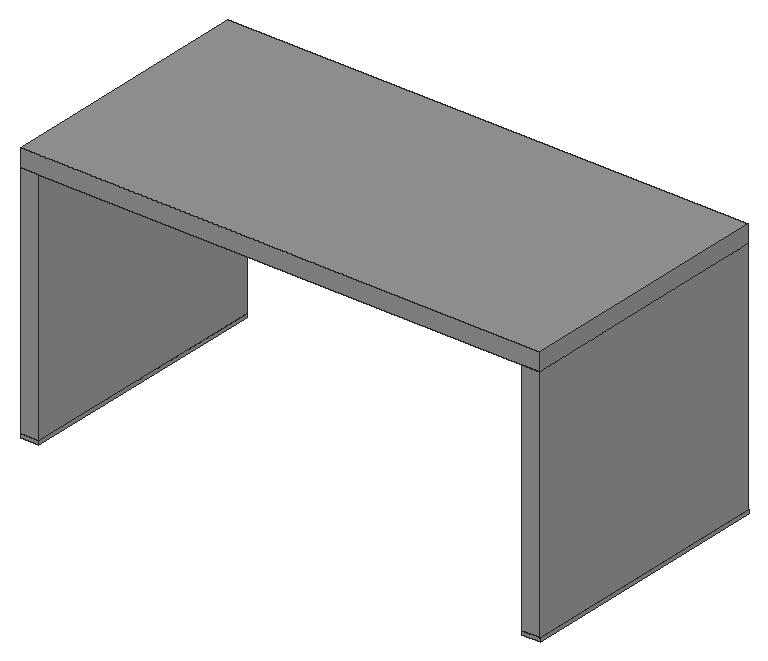
Revit family "Cocoon Community Table 36x72x36", category Generic Models, Revit 2018
Family settings
  Can host rebar = No
  Round Connector Dimension = Use Diameter
  Part Type = Normal
  Work Plane-Based = No
  Always vertical = Yes
  Cut with Voids When Loaded = No
  Shared = No
  Room Calculation Point = No
Parameters
  Frame = Cocoon Community Table 36x72x36 Frame
  Surface = Cocoon Community Table 36x72x36 Surface
Reference planes (in)
  plane 1 "Center (Front/Back)": y = 0
  plane 2: z = 0
  plane 3 "Center (Left/Right)": x = 0
Forms (in)
  Extrusion 1, solid, material "Cocoon Community Table 36x72x36 Frame" <- "Frame"
    sketch origin (0, 0, 0) x (1, 0, 0) y (0, 0, 1)
      loop
        line (-36, 0.5) -> (-36, 0) -> (-33.5, 0) -> (-33.5, 0.5) -> (-36, 0.5)
      loop
        line (36, 0.5) -> (33.5, 0.5) -> (33.5, 0) -> (36, 0) -> (36, 0.5)
    from -18 to 18
  Extrusion 2, solid, material "Cocoon Community Table 36x72x36 Surface" <- "Surface"
    sketch origin (0, 0, 7) x (1, 0, 0) y (0, 0, 1)
      loop
        line (-36, 29) -> (-36, 26.5) -> (36, 26.5) -> (36, 29) -> (-36, 29)
    from -18 to 18
  Extrusion 3, solid, material "Cocoon Community Table 36x72x36 Frame" <- "Frame"
    sketch origin (0, 0, 0) x (1, 0, 0) y (0, 0, 1)
      loop
        line (-36, 33.5) -> (-36, 0.5) -> (-33.5, 0.5) -> (-33.5, 33.5) -> (-36, 33.5)
      loop
        line (33.5, 33.5) -> (33.5, 0.5) -> (36, 0.5) -> (36, 33.5) -> (33.5, 33.5)
    from -18 to 18
Dimensions and locks (in)
  aligned and locked: plane 2 to level
